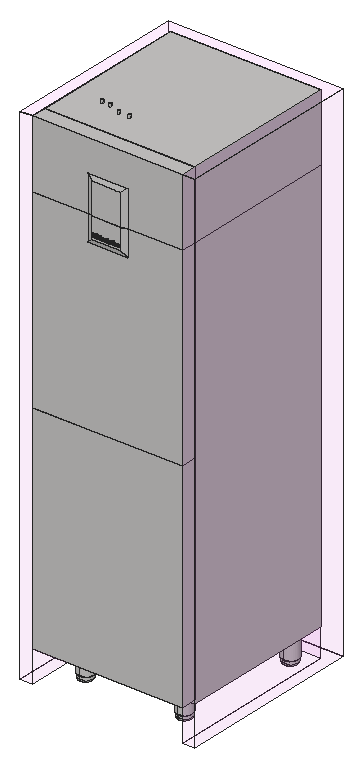
Revit family "QF_ELECTROLUXPROFESSIONAL_691374_PS04RF2FR", category Specialty Equipment, Revit 2018
Family settings
  Round Connector Dimension = Use Diameter
  Part Type = Normal
  Work Plane-Based = No
  Always vertical = Yes
  Cut with Voids When Loaded = No
  Shared = No
  Room Calculation Point = No
Parameters (values of type "Standard")
  Weight = 22.6321 lbm
  Watts = 0 W
  Volts = 220 V
  URL Manufacturer = "http://professional.electrolux.com"
  URL = "http://professional.electrolux.com"
  Steam Supply Size = 0"
  Steam Supply Minimum Pressure = 0.00 psi
  Steam Supply Maximum Pressure = 0.00 psi
  Steam Pounds per Hour = 0
  Show Clearance [instance] = yes
  Refrigeration Suction Line Size = 0.03117"
  Refrigeration Liquid Line Size = 0.01969"
  Refrigerant Compressor Remote = yes
  Phase = 1
  Model = "PS04RF2FR"
  Manufacturer = "Electrolux Professional"
  Length Actual = 600 mm  # constant formula
  Item Number = "691374"
  Hot Water Size = 0"
  Height Actual = 2070 mm  # constant formula
  HP = "0.4 HP"
  Gas Size = 0"
  Gas KW = 0
  Gas Input Pressure = 0.0 Btu/h
  Direct Waste Size = 0"
  Description = "2½-DOOR DUAL REFRIGERATOR  470L 0/-22°,PROSTORE-REM"
  Depth Actual = 741 mm  # constant formula
  Cycle = 60 Hz
  Condensate Return Size = 0"
  Compressed Air Volume = 0 GPM
  Compressed Air Size = 0"
  Compressed Air Pressure = 0.00 psi
  Cold Water Size = 0"
  Accessory = yes
Types (2, lengths in mm): name | URL | Phase | Model | Manufacturer | Description
  (no name) | "http://professional.electrolux.com/" | 0 | "RBC201" | "Electrolux" | "BLAST CHILLER 56 KG 20 GN1/1"
  Standard | "http://professional.electrolux.com" | 1 | "PS04RF2FR" | "Electrolux Professional" | "2½-DOOR DUAL REFRIGERATOR  470L 0/-22°,PROSTORE-REM"
Values of the unnamed type that differ from the named types
  Volts = 380 V
  URL Manufacturer = "http://professional.electrolux.com/"
  Item Number = "726624"
  Cycle = 50 Hz
Reference planes
  plane 1 "BACK": y = 0
  plane 2: z = 0
  plane 3 "LEFT": x = 0
  plane 4 "RIGHT": x = 600
  plane 5 "FRONT": y = -700
  plane 6 "TOP": z = 2040
  plane 7 "Center Y": x = 300
  plane 8 "Center X": y = -350
  plane 9: x = 102
  plane 10: x = 498
  plane 11: z = 115
  plane 12: z = 86
  plane 13: y = -76
  plane 14: y = -694
  plane 15: y = -1227
  plane 16: y = -630
  plane 17: z = 1770
  plane 18: x = -50
  plane 19: y = 50
  plane 20: x = 650
Forms (mm)
  Extrusion 1, solid, material "QF_Metal - Stainless - Polished"
    sketch origin (0, 0, 0) x (1, 0, 0) y (0, 0, 1)
      loop
        line (0, 2040) -> (0, 1770) -> (600, 1770) -> (600, 2040) -> (0, 2040)
    from 0 to 630
  Extrusion 2, solid, material "QF_Metal - Stainless - Polished"
    sketch origin (0, 0, 0) x (1, 0, 0) y (0, 0, 1)
      loop
        line (0, 1770) -> (0, 115) -> (600, 115) -> (600, 1770) -> (0, 1770)
    from 0 to 630
  Extrusion 3, solid, material "QF_Metal - Stainless - Polished"
    sketch origin (-370, 0, -128) x (1, 0, 0) y (0, 0, 1)
      loop
        circle (450, 1847.083) r 20
    from -7.507 to 0
  Extrusion 4, solid, material "QF_Door-Drawer Clearances", visible <- "Show Clearance", detail levels coarse
    sketch origin (0, 0, 0) x (1, 0, 0) y (0, 1, 0)
      loop
        line (600, -694) -> (0, -694)
        arc (0, -694) -> (187.42, -1087.232) -> (600, -1227) r 559.707
        line (600, -1227) -> (600, -694)
    from 127.536 to 995.399
  Extrusion 5, solid, material "QF_Metal - Stainless - Polished"
    sketch origin (0, 130.478, 0) x (1, 0, 0) y (0, 0, 1)
      loop
        line (0, 2040) -> (0, 1770) -> (600, 1770) -> (600, 2040) -> (0, 2040)
    from 760.478 to 824.478
  Extrusion 6, solid, material "QF_Metal - Stainless - Polished"
    sketch origin (0, 140, 0) x (1, 0, 0) y (0, 0, 1)
      loop
        line (0, 1770) -> (0, 995.399) -> (600, 995.399) -> (600, 1770) -> (0, 1770)
    from 834 to 770
  Revolve 7, solid, material "QF_Metal - Stainless - Polished"
    sketch origin (497.59, -1.833, 0) x (0, 1, 0) y (0, 0, -1)
      loop
        line (-590.954, -115) -> (-553.167, -115) -> (-553.167, 0) -> (-578.757, 0)
        arc (-578.757, 0) -> (-580.973, -2.655) -> (-581.767, -6.021) r 7.527
        line (-581.767, -6.021) -> (-581.767, -17.561) -> (-585.28, -21.074) -> (-585.28, -110.008) -> (-590.954, -110.008) -> (-590.954, -115)
      axis (-553.167, 0) -> (-553.167, -115)
    angle from 0 to 360
  Revolve 8, solid, material "QF_Metal - Stainless - Polished"
    sketch origin (102, -1.833, 0) x (0, 1, 0) y (0, 0, 1)
      loop
        line (-590.954, 115) -> (-590.954, 110.008) -> (-585.28, 110.008) -> (-585.28, 21.074) -> (-581.767, 17.561) -> (-581.767, 6.021)
        arc (-581.767, 6.021) -> (-580.973, 2.655) -> (-578.757, 0) r 7.527
        line (-578.757, 0) -> (-553.167, 0) -> (-553.167, 115) -> (-590.954, 115)
      axis (-553.167, 0) -> (-553.167, 115)
    angle from 0 to 360
  Revolve 9, solid, material "QF_Metal - Stainless - Polished"
    sketch origin (538, -759.167, 0) x (0, -1, 0) y (0, 0, 1)
      loop
        line (-720.954, 115) -> (-720.954, 110.008) -> (-715.28, 110.008) -> (-715.28, 21.074) -> (-711.767, 17.561) -> (-711.767, 6.021)
        arc (-711.767, 6.021) -> (-710.973, 2.655) -> (-708.757, 0) r 7.527
        line (-708.757, 0) -> (-683.167, 0) -> (-683.167, 115) -> (-720.954, 115)
      axis (-683.167, 0) -> (-683.167, 115)
    angle from 0 to 360
  Revolve 10, solid, material "QF_Metal - Stainless - Polished"
    sketch origin (62, -759.167, 0) x (0, -1, 0) y (0, 0, 1)
      loop
        line (-720.954, 115) -> (-720.954, 110.008) -> (-715.28, 110.008) -> (-715.28, 21.074) -> (-711.767, 17.561) -> (-711.767, 6.021)
        arc (-711.767, 6.021) -> (-710.973, 2.655) -> (-708.757, 0) r 7.527
        line (-708.757, 0) -> (-683.167, 0) -> (-683.167, 115) -> (-720.954, 115)
      axis (-683.167, 0) -> (-683.167, 115)
    angle from 0 to 360
  Blend 11, solid, material "QF_Metal - Stainless - Polished"
    base sketch origin (-150, -694, 0) x (1, 0, 0) y (0, 0, 1)
      loop
        line (370, 1914.822) -> (370, 1664.822) -> (530, 1664.822) -> (530, 1914.822) -> (370, 1914.822)
    top sketch origin (-150, -694, 0) x (1, 0, 0) y (0, 0, 1)
      loop
        line (510, 1894.822) -> (390, 1894.822) -> (390, 1684.822) -> (510, 1684.822) -> (510, 1894.822)
    from 0 to 6
  Extrusion 12, void
    sketch origin (-150, -700, 0) x (-1, 0, 0) y (0, 0, 1)
      loop
        line (-370, 1770.997) -> (-530, 1770.997) -> (-530, 1769.003) -> (-370, 1769.003) -> (-370, 1770.997)
    from 0 to 6
  Extrusion 13, solid, material "QF_Door-Drawer Clearances"
    sketch origin (0, 0, 0) x (1, 0, 0) y (0, 1, 0)
      loop
        line (0, -694) -> (0, 0) -> (600, 0) -> (600, -694) -> (650, -694) -> (650, 50) -> (-50, 50) -> (-50, -694) -> (0, -694)
    from 0 to 2040
  Extrusion 14, solid, material "QF_Door-Drawer Clearances", visible <- "Show Clearance", detail levels coarse
    sketch origin (0, 0, 0) x (1, 0, 0) y (0, 1, 0)
      loop
        line (600, -694) -> (0, -694)
        arc (0, -694) -> (187.42, -1087.232) -> (600, -1227) r 559.707
        line (600, -1227) -> (600, -694)
    from 995.399 to 1770
  Extrusion 15, solid, material "QF_Metal - Stainless - Polished"
    sketch origin (0, 140, 0) x (1, 0, 0) y (0, 0, 1)
      loop
        line (0, 995.399) -> (0, 127.536) -> (600, 127.536) -> (600, 995.399) -> (0, 995.399)
    from 834 to 770
  Extrusion 16, solid, material "QF_Metal - Stainless - Polished"
    sketch origin (-277.128, -400.153, 2040) x (1, 0, 0) y (0, 1, 0)
      loop
        circle (425.128, -89.847) r 4
    from 0 to 10
  Extrusion 17, solid, material "QF_Metal - Stainless - Polished"
    sketch origin (-310.128, -400.153, 2040) x (1, 0, 0) y (0, 1, 0)
      loop
        circle (425.128, -89.847) r 4
    from 0 to 10
  Extrusion 18, solid, material "QF_Metal - Stainless - Polished"
    sketch origin (-227.128, -420.153, 2040) x (1, 0, 0) y (0, 1, 0)
      loop
        circle (425.128, -89.847) r 4
    from 0 to 10
  Extrusion 19, solid, material "QF_Metal - Stainless - Polished"
    sketch origin (-184.128, -420.153, 2040) x (1, 0, 0) y (0, 1, 0)
      loop
        circle (425.128, -89.847) r 4
    from 0 to 10
Cuts and joins
  Extrusion 12 cuts Extrusion 1
  Extrusion 12 cuts Extrusion 2
  Extrusion 12 cuts Extrusion 5
  Extrusion 12 cuts Extrusion 6
  Extrusion 12 cuts Blend 11
Lines and regions (mm)
  Split face 1
    outline origin (-150, -700, 0) x (1, 0, 0) y (0, 0, 1)
      loop
        line (415, 1894.822) -> (415, 1742.499) -> (485, 1742.499) -> (485, 1894.822)
  symbolic lines
    curve 1: line (0, 0, 0) -> (600, 0, 0)
    curve 2: line (0, -694, 0) -> (0, 0, 0)
    curve 3: line (600, -694, 0) -> (0, -694, 0)
    curve 4: line (600, 0, 0) -> (600, -694, 0)
    curve 5: line (0, -630, 0) -> (600, -630, 0)
    curve 6: line (220, -694, 0) -> (240, -700, 0)
    curve 7: line (240, -700, 0) -> (360, -700, 0)
    curve 8: line (360, -700, 0) -> (380, -694, 0)
  symbolic lines, style "QF_Door-Drawer Clearances"
    curve 9: arc (0, -694, 0) -> (187.42, -1087.232, 0) -> (600, -1227, 0) r 559.707
    curve 10: line (600, -1227, 0) -> (600, -694, 0)
    curve 11: line (0, -694, 0) -> (-50, -694, 0)
    curve 12: line (-50, -694, 0) -> (-50, 50, 0)
    curve 13: line (-50, 50, 0) -> (650, 50, 0)
    curve 14: line (650, 50, 0) -> (650, -694, 0)
    curve 15: line (650, -694, 0) -> (600, -694, 0)
Dimensions and locks
  equal spacing: plane 3 "LEFT", plane 7 "Center Y", plane 4 "RIGHT"
  plane 3 "LEFT" to plane 4 "RIGHT" = 600 mm
  equal spacing: plane 5 "FRONT", plane 8 "Center X", plane 1 "BACK"
  plane 5 "FRONT" to plane 1 "BACK" = 700 mm
  plane 6 "TOP" to level = 2040 mm
  plane 9 to plane 3 "LEFT" = 102 mm
  plane 10 to plane 4 "RIGHT" = 102 mm
  plane 11 to level = 115 mm
  plane 12 to plane 11 = 29 mm
  plane 1 "BACK" to plane 13 = 76 mm
  plane 15 to plane 1 "BACK" = 1227 mm
  plane 3 "LEFT" to Extrusion 4 = 600 mm
  plane 11 to plane 2 = 115 mm
  plane 1 "BACK" to plane 16 = 630 mm
  plane 18 to plane 3 "LEFT" = 50 mm
  plane 4 "RIGHT" to plane 20 = 50 mm
  plane 1 "BACK" to plane 19 = 50 mm
  aligned and locked: level to plane 2
  aligned and locked: Extrusion 5 to plane 4 "RIGHT"
  aligned and locked: Extrusion 5 to plane 3 "LEFT"
  aligned and locked: plane 5 "FRONT" to Blend 11
  aligned and locked: Extrusion 15 to Extrusion 4
  aligned and locked: Extrusion 14 to Extrusion 6
Automatic sketch dimensions
  curve 13 to plane 18 = 0 mm
  curve 3 to plane 3 "LEFT" = 0 mm
  plane 14 to curve 6 = 0 mm
  plane 5 "FRONT" to curve 7 = 0 mm
  curve 9 to plane 4 "RIGHT" = 0 mm
  curve 5 to plane 4 "RIGHT" = 0 mm
  curve 14 to plane 20 = 0 mm
  curve 10 to plane 15 = 0 mm
  curve 5 to plane 16 = 0 mm
  plane 1 "BACK" to curve 4 = 0 mm
  curve 13 to plane 19 = 0 mm
  curve 7 to plane 7 "Center Y" = 60 mm
  plane 7 "Center Y" to curve 8 = 60 mm
  curve 9 to plane 14 = 25.214 mm
  curve 6 to curve 6 = 20 mm
  curve 7 to curve 8 = 20 mm
  Extrusion 1 sketch curve to plane 3 "LEFT" = 0 mm
  plane 4 "RIGHT" to Extrusion 1 sketch curve = 0 mm
  Extrusion 1 sketch curve to plane 17 = 0 mm
  Extrusion 1 sketch curve to plane 6 "TOP" = 0 mm
  Extrusion 2 sketch curve to plane 3 "LEFT" = 0 mm
  plane 4 "RIGHT" to Extrusion 2 sketch curve = 0 mm
  Extrusion 2 sketch curve to plane 11 = 0 mm
  Extrusion 2 sketch curve to plane 17 = 0 mm
  Extrusion 3 sketch curve to plane 9 = 22 mm
  Extrusion 3 sketch curve to plane 17 = 50.917 mm
  Extrusion 4 sketch curve to plane 3 "LEFT" = 0 mm
  Extrusion 4 sketch curve to plane 4 "RIGHT" = 0 mm
  Extrusion 4 sketch curve to plane 15 = 0 mm
  plane 14 to Extrusion 4 sketch curve = 0 mm
  Extrusion 4 sketch curve to plane 14 = 25.214 mm
  Extrusion 5 sketch curve to plane 3 "LEFT" = 0 mm
  plane 4 "RIGHT" to Extrusion 5 sketch curve = 0 mm
  Extrusion 5 sketch curve to plane 17 = 0 mm
  Extrusion 5 sketch curve to plane 6 "TOP" = 0 mm
  Extrusion 6 sketch curve to plane 3 "LEFT" = 0 mm
  plane 4 "RIGHT" to Extrusion 6 sketch curve = 0 mm
  Extrusion 6 sketch curve to plane 17 = 0 mm
  Extrusion 6 sketch curve to Extrusion 6 sketch curve = 774.601 mm
  plane 11 to Revolve 7 sketch curve = 0 mm
  Revolve 7 sketch curve to level = 0 mm
  plane 16 to Revolve 7 sketch curve = 37.213 mm
  Revolve 7 sketch curve to Revolve 7 sketch curve = 5.674 mm
  Revolve 7 sketch curve to Revolve 7 sketch curve = 3.513 mm  (x2)
  Revolve 7 sketch curve to Revolve 7 sketch curve = 3.01 mm
  level to Revolve 7 sketch curve = 6.021 mm
  Revolve 7 sketch curve to Revolve 7 sketch curve = 21.073 mm
  Revolve 7 sketch curve to plane 11 = 4.992 mm  (x2)
  Revolve 7 sketch curve to Revolve 7 sketch curve = 15.053 mm
  Revolve 7 sketch curve to Revolve 7 sketch curve = 0 mm
  Revolve 7 sketch curve to Revolve 7 sketch curve = 20.008 mm
  Revolve 8 sketch curve to plane 11 = 0 mm
  Revolve 8 sketch curve to level = 0 mm
  plane 16 to Revolve 8 sketch curve = 37.213 mm
  Revolve 8 sketch curve to Revolve 8 sketch curve = 5.674 mm
  Revolve 8 sketch curve to Revolve 8 sketch curve = 3.513 mm  (x2)
  Revolve 8 sketch curve to Revolve 8 sketch curve = 3.01 mm
  level to Revolve 8 sketch curve = 6.021 mm
  Revolve 8 sketch curve to Revolve 8 sketch curve = 21.073 mm
  Revolve 8 sketch curve to Revolve 8 sketch curve = 11.54 mm
  Revolve 8 sketch curve to plane 11 = 4.992 mm
  Revolve 8 sketch curve to Revolve 8 sketch curve = 0 mm
  Revolve 8 sketch curve to Revolve 8 sketch curve = 4.992 mm
  plane 11 to Revolve 8 sketch curve = 20.008 mm
  Revolve 9 sketch curve to plane 11 = 0 mm
  Revolve 9 sketch curve to level = 0 mm
  Revolve 9 sketch curve to plane 13 = 0 mm  (x2)
  level to Revolve 9 sketch curve = 6.021 mm
  Revolve 9 sketch curve to plane 13 = 21.073 mm
  Revolve 9 sketch curve to Revolve 9 sketch curve = 4.517 mm
  Revolve 9 sketch curve to Revolve 9 sketch curve = 3.513 mm  (x2)
  Revolve 9 sketch curve to Revolve 9 sketch curve = 5.674 mm
  Revolve 9 sketch curve to Revolve 9 sketch curve = 11.54 mm
  Revolve 9 sketch curve to plane 11 = 4.992 mm  (x2)
  Revolve 9 sketch curve to Revolve 9 sketch curve = 20.008 mm
  Revolve 10 sketch curve to plane 11 = 0 mm
  Revolve 10 sketch curve to level = 0 mm
  Revolve 10 sketch curve to plane 13 = 0 mm  (x2)
  Revolve 10 sketch curve to level = 6.021 mm
  plane 13 to Revolve 10 sketch curve = 21.073 mm
  Revolve 10 sketch curve to Revolve 10 sketch curve = 4.517 mm
  Revolve 10 sketch curve to Revolve 10 sketch curve = 3.513 mm  (x2)
  Revolve 10 sketch curve to Revolve 10 sketch curve = 5.674 mm
  Revolve 10 sketch curve to Revolve 10 sketch curve = 11.54 mm
  plane 11 to Revolve 10 sketch curve = 4.992 mm  (x2)
  Revolve 10 sketch curve to Revolve 10 sketch curve = 20.008 mm
  Blend 11 sketch curve to Extrusion 6 = 105.178 mm
  Blend 11 sketch curve to Extrusion 6 = 220 mm
  Blend 11 sketch curve to Blend 11 sketch curve = 160 mm
  Extrusion 6 to Blend 11 sketch curve = 144.822 mm
  Blend 11 sketch curve to Extrusion 6 = 240 mm
  Blend 11 sketch curve to Blend 11 sketch curve = 120 mm
  Blend 11 sketch curve to Extrusion 6 = 85.178 mm
  Extrusion 6 to Blend 11 sketch curve = 124.822 mm
  Split face 1 sketch curve to Blend 11 = 0 mm  (x2)
  Split face 1 sketch curve to Blend 11 = 25 mm  (x2)
  Split face 1 sketch curve to Blend 11 = 57.677 mm
  Extrusion 12 sketch curve to Blend 11 = 20 mm  (x2)
  Blend 11 to Extrusion 12 sketch curve = 84.181 mm
  Extrusion 12 sketch curve to Extrusion 12 sketch curve = 1.995 mm
  plane 14 to Extrusion 13 sketch curve = 0 mm  (x2)
  Extrusion 13 sketch curve to plane 18 = 0 mm
  Extrusion 13 sketch curve to plane 3 "LEFT" = 0 mm
  Extrusion 13 sketch curve to plane 4 "RIGHT" = 0 mm
  Extrusion 13 sketch curve to plane 19 = 0 mm
  Extrusion 13 sketch curve to plane 20 = 0 mm
  plane 1 "BACK" to Extrusion 13 sketch curve = 0 mm
  Extrusion 14 sketch curve to plane 3 "LEFT" = 0 mm
  Extrusion 14 sketch curve to plane 4 "RIGHT" = 0 mm
  Extrusion 14 sketch curve to plane 15 = 0 mm
  plane 14 to Extrusion 14 sketch curve = 0 mm
  Extrusion 14 sketch curve to plane 14 = 25.214 mm
  Extrusion 15 sketch curve to plane 3 "LEFT" = 0 mm
  plane 4 "RIGHT" to Extrusion 15 sketch curve = 0 mm
  plane 11 to Extrusion 15 sketch curve = 12.536 mm
  Extrusion 15 sketch curve to plane 17 = 774.601 mm
  plane 9 to Extrusion 16 sketch curve = 46 mm
  Extrusion 16 sketch curve to plane 8 "Center X" = 140 mm
  plane 9 to Extrusion 17 sketch curve = 13 mm
  Extrusion 17 sketch curve to plane 8 "Center X" = 140 mm
  plane 9 to Extrusion 18 sketch curve = 96 mm
  Extrusion 18 sketch curve to plane 8 "Center X" = 160 mm
  Extrusion 19 sketch curve to plane 7 "Center Y" = 59 mm
  Extrusion 19 sketch curve to plane 8 "Center X" = 160 mm
  radius of Extrusion 3 sketch curve = 20 mm
  radius of Extrusion 16 sketch curve = 4 mm
  radius of Extrusion 17 sketch curve = 4 mm
  radius of Extrusion 18 sketch curve = 4 mm
  radius of Extrusion 19 sketch curve = 4 mm
Nested families
  nested 1: "ELX_Logo_S" at (300.625, -700, 1704.375) x (1, 0, 0) z (0, -1, 0), type "ELX_Logo_S"
Connectors
  electrical at (80, 7.507, 1719.083), driven by "Volts"
    settings: on Extrusion 3, index 2, voltage 220 V, apparent load 0 VA, apparent load phase1 0 VA, apparent load phase2 0 VA, apparent load phase3 0 VA, power factor 1, load classification "Other", number of poles 1, system type 30, power factor state 1, is connector primary yes, connector utility no, sub classification motor no, connector description "Electrical Connection"
  piping at (148, -490, 2050), diameter 8
    settings: on Extrusion 16, index 5, connector inside diameter 24", connector length 0 mm, flow factor 0, pipe flow 0 GPM, pressure drop 0.00 psi, fitting loss kfactor 0, connector angle 0.00°, fixture units 0, engagement length 0 mm, angle of deflection 0.00°, flow configuration 0, flow direction 0, fitting loss method 0, system type 22, joint type 0, gender type 0, connector reference index -1, connector utility 0, adjustable connector no, is connector primary yes, connector description "refrigerant outlet"
  piping at (115, -490, 2050), diameter 8
    settings: on Extrusion 17, index 6, connector inside diameter 24", connector length 0 mm, flow factor 0, pipe flow 0 GPM, pressure drop 0.00 psi, fitting loss kfactor 0, connector angle 0.00°, fixture units 0, engagement length 0 mm, angle of deflection 0.00°, flow configuration 0, flow direction 0, fitting loss method 0, system type 22, joint type 0, gender type 0, connector reference index -1, connector utility 0, adjustable connector no, is connector primary no, connector description "refrigerant inlet"
  piping at (198, -510, 2050), diameter 8
    settings: on Extrusion 18, index 7, connector inside diameter 24", connector length 0 mm, flow factor 0, pipe flow 0 GPM, pressure drop 0.00 psi, fitting loss kfactor 0, connector angle 0.00°, fixture units 0, engagement length 0 mm, angle of deflection 0.00°, flow configuration 0, flow direction 0, fitting loss method 0, system type 22, joint type 0, gender type 0, connector reference index -1, connector utility 0, adjustable connector no, is connector primary no, connector description "refrigerant inlet"
  piping at (241, -510, 2050), diameter 8
    settings: on Extrusion 19, index 8, connector inside diameter 24", connector length 0 mm, flow factor 0, pipe flow 0 GPM, pressure drop 0.00 psi, fitting loss kfactor 0, connector angle 0.00°, fixture units 0, engagement length 0 mm, angle of deflection 0.00°, flow configuration 0, flow direction 0, fitting loss method 0, system type 22, joint type 0, gender type 0, connector reference index -1, connector utility 0, adjustable connector no, is connector primary no, connector description "refrigerant outlet"
Definition of nested family "ELX_Logo_S"
  Parameters (values of type "ELX_Logo_S")
    Default Elevation = 0 mm
  Reference planes
    plane 1 "Centro (Fronte/Retro)": y = 0
    plane 2: z = 0
    plane 3 "Centro (Sinistra/Destra)": x = 0
  Forms (mm)
    Extrusion 1, solid
      sketch origin (0, 0, 0) x (1, 0, 0) y (0, 1, 0)
        loop
          line (-1219.2, 1219.2) -> (-1219.2, -1219.2) -> (1219.2, -1219.2) -> (1219.2, 1219.2) -> (-1219.2, 1219.2)
      from 0 to -304.8
    Extrusion 2, solid
      sketch origin (0, 0, 0) x (1, 0, 0) y (0, 1, 0)
        loop
          line (-43.793, 5.912) -> (-43.793, -6.455)
          arc (-43.793, -6.455) -> (-39.222, -0.272) -> (-43.793, 5.912) r 6.467
        loop
          arc (-44.422, 5.912) -> (-49.565, 4.743) -> (-52.043, 0.087) r 6.338
          line (-52.043, 0.087) -> (-49.997, 0.087)
          arc (-49.997, 0.087) -> (-46.342, 1.57) -> (-44.422, 5.016) r 5.941
          line (-44.422, 5.016) -> (-44.422, 5.912)
        loop
          arc (-44.422, -5.559) -> (-46.342, -2.114) -> (-49.997, -0.63) r 5.941
          line (-49.997, -0.63) -> (-52.043, -0.63)
          arc (-52.043, -0.63) -> (-49.569, -5.324) -> (-44.422, -6.614) r 6.504
          line (-44.422, -6.614) -> (-44.422, -5.559)
        loop
          line (-52.512, 6.586) -> (-52.512, -7.158) -> (-38.749, -7.158) -> (-38.749, 6.586) -> (-52.512, 6.586)
        loop
          arc (-35.782, 6.67) -> (-36.139, 6.322) -> (-35.801, 5.955) r 0.358
          arc (-35.801, 5.955) -> (-35.051, 5.641) -> (-34.666, 4.924) r 1.216
          line (-34.666, 4.924) -> (-34.666, -5.488)
          arc (-34.666, -5.488) -> (-34.944, -6.148) -> (-35.54, -6.544) r 1.238
          arc (-35.54, -6.544) -> (-35.791, -6.939) -> (-35.437, -7.244) r 0.358
          line (-35.437, -7.244) -> (-25.558, -7.244) -> (-25.558, -4.494) -> (-26.455, -4.494)
          arc (-26.455, -4.494) -> (-27.035, -5.403) -> (-28.012, -5.858) r 1.928
          line (-28.012, -5.858) -> (-30.511, -5.858)
          arc (-30.511, -5.858) -> (-31.24, -5.583) -> (-31.604, -4.894) r 1.101
          line (-31.604, -4.894) -> (-31.604, -0.808) -> (-27.931, -0.808)
          arc (-27.931, -0.808) -> (-27.434, -1.16) -> (-27.206, -1.725) r 1.083
          arc (-27.206, -1.725) -> (-26.9, -1.989) -> (-26.622, -1.697) r 0.292
          line (-26.622, -1.697) -> (-26.622, 1.265)
          arc (-26.622, 1.265) -> (-26.895, 1.568) -> (-27.225, 1.329) r 0.305
          arc (-27.225, 1.329) -> (-27.473, 0.839) -> (-27.931, 0.534) r 1.083
          line (-27.931, 0.534) -> (-31.604, 0.534) -> (-31.604, 5.211) -> (-27.857, 5.211)
          arc (-27.857, 5.211) -> (-27.101, 4.997) -> (-26.603, 4.39) r 1.314
          arc (-26.603, 4.39) -> (-26.199, 4.171) -> (-25.907, 4.526) r 0.361
          line (-25.907, 4.526) -> (-25.907, 6.67) -> (-35.782, 6.67)
        loop
          arc (-25.126, 5.953) -> (-24.207, 5.572) -> (-23.827, 4.654) r 1.299
          line (-23.827, 4.654) -> (-23.827, -4.925)
          arc (-23.827, -4.925) -> (-24.205, -5.763) -> (-25.083, -6.035) r 1.118
          line (-25.083, -6.035) -> (-25.083, -7.244) -> (-19.733, -7.244) -> (-19.733, -6.056)
          arc (-19.733, -6.056) -> (-20.65, -5.784) -> (-21.046, -4.914) r 1.153
          line (-21.046, -4.914) -> (-21.046, 7.158) -> (-25.126, 5.953)
        loop
          line (-17.097, -2.28) -> (-10.65, -2.28) -> (-10.65, -1.481)
          arc (-10.65, -1.481) -> (-11.634, 1.1) -> (-14.088, 2.369) r 3.874
          line (-14.088, 2.369) -> (-15.848, 2.369)
          arc (-15.848, 2.369) -> (-18.713, 1.182) -> (-19.899, -1.682) r 4.051
          line (-19.899, -1.682) -> (-19.899, -3.691)
          arc (-19.899, -3.691) -> (-18.414, -6.509) -> (-15.407, -7.561) r 4.352
          arc (-15.407, -7.561) -> (-12.944, -7.196) -> (-10.87, -5.819) r 5.713
          line (-10.87, -5.819) -> (-10.87, -4.87)
          arc (-10.87, -4.87) -> (-12.439, -5.603) -> (-14.157, -5.819) r 5.579
          arc (-14.157, -5.819) -> (-16.12, -5.025) -> (-17.097, -3.146) r 3.057
          line (-17.097, -3.146) -> (-17.097, -2.28)
        loop
          line (-17.097, -1.02) -> (-13.515, -1.02)
          arc (-13.515, -1.02) -> (-13.468, 0.436) -> (-14.627, 1.319) r 1.59
          line (-14.627, 1.319) -> (-15.457, 1.319)
          arc (-15.457, 1.319) -> (-16.712, 0.455) -> (-17.097, -1.02) r 2.184
        loop
          arc (-1.232, 1.771) -> (-2.906, 2.259) -> (-4.643, 2.417) r 9.023
          line (-4.643, 2.417) -> (-6.005, 2.417)
          arc (-6.005, 2.417) -> (-8.805, 1.257) -> (-9.965, -1.542) r 3.959
          line (-9.965, -1.542) -> (-9.965, -4.142)
          arc (-9.965, -4.142) -> (-8.672, -6.424) -> (-6.299, -7.541) r 4.331
          line (-6.299, -7.541) -> (-4.164, -7.541)
          arc (-4.164, -7.541) -> (-2.614, -7.033) -> (-1.268, -6.112) r 5.772
          arc (-1.268, -6.112) -> (-1.217, -5.35) -> (-1.976, -5.263) r 0.553
          arc (-1.976, -5.263) -> (-2.71, -5.651) -> (-3.529, -5.785) r 2.573
          line (-3.529, -5.785) -> (-5.044, -5.785)
          arc (-5.044, -5.785) -> (-6.686, -4.779) -> (-7.328, -2.965) r 2.884
          line (-7.328, -2.965) -> (-7.328, -1.686)
          arc (-7.328, -1.686) -> (-6.768, 0.135) -> (-5.103, 1.062) r 2.554
          line (-5.103, 1.062) -> (-4.05, 1.062)
          arc (-4.05, 1.062) -> (-3.122, 0.73) -> (-2.387, 0.073) r 2.564
          arc (-2.387, 0.073) -> (-1.67, -0.148) -> (-1.232, 0.461) r 0.643
          line (-1.232, 0.461) -> (-1.232, 1.771)
        loop
          line (-0.962, 0.752) -> (0.539, 0.752) -> (0.539, -5.296)
          arc (0.539, -5.296) -> (1.197, -6.884) -> (2.785, -7.541) r 2.246
          line (2.785, -7.541) -> (4.369, -7.541)
          arc (4.369, -7.541) -> (5.233, -7.228) -> (6.005, -6.727) r 4.06
          arc (6.005, -6.727) -> (6.138, -5.995) -> (5.437, -5.743) r 0.576
          arc (5.437, -5.743) -> (4.911, -5.849) -> (4.379, -5.785) r 1.69
          arc (4.379, -5.785) -> (3.591, -5.244) -> (3.288, -4.337) r 1.506
          line (3.288, -4.337) -> (3.288, 0.801) -> (5.685, 0.801) -> (6.241, 1.357) -> (6.241, 2.179) -> (3.382, 2.179) -> (3.382, 5.41) -> (-0.962, 0.752)
        loop
          line (7.139, -7.324) -> (12.526, -7.324) -> (12.526, -6.214)
          arc (12.526, -6.214) -> (11.575, -5.82) -> (11.181, -4.869) r 1.345
          line (11.181, -4.869) -> (11.181, -1.253)
          arc (11.181, -1.253) -> (11.773, -0.488) -> (12.695, -0.199) r 1.615
          line (12.695, -0.199) -> (14.251, -0.199) -> (14.936, 2.357) -> (13.553, 2.357) -> (10.994, 0.414) -> (10.994, 2.295) -> (8.288, 2.01)
          arc (8.288, 2.01) -> (7.758, 1.571) -> (7.959, 0.912) r 0.621
          arc (7.959, 0.912) -> (8.301, 0.512) -> (8.484, 0.018) r 1.501
          line (8.484, 0.018) -> (8.484, -4.869)
          arc (8.484, -4.869) -> (8.09, -5.82) -> (7.139, -6.214) r 1.345
          line (7.139, -6.214) -> (7.139, -7.324)
        loop
          line (14.473, -1.222) -> (14.473, -3.914)
          arc (14.473, -3.914) -> (15.781, -6.36) -> (18.311, -7.494) r 4.288
          arc (18.311, -7.494) -> (19.692, -7.557) -> (21.072, -7.494) r 15.022
          arc (21.072, -7.494) -> (23.603, -6.36) -> (24.91, -3.914) r 4.288
          line (24.91, -3.914) -> (24.91, -1.222)
          arc (24.91, -1.222) -> (23.603, 1.223) -> (21.072, 2.357) r 4.288
          arc (21.072, 2.357) -> (19.692, 2.421) -> (18.311, 2.357) r 15.022
          arc (18.311, 2.357) -> (15.781, 1.223) -> (14.473, -1.222) r 4.288
        loop
          line (17.587, -1.017) -> (17.587, -4.119)
          arc (17.587, -4.119) -> (19.744, -6.276) -> (21.901, -4.119) r 2.157
          line (21.901, -4.119) -> (21.901, -1.017)
          arc (21.901, -1.017) -> (19.744, 1.14) -> (17.587, -1.017) r 2.157
        loop
          arc (24.768, 5.964) -> (25.662, 5.593) -> (26.033, 4.699) r 1.264
          line (26.033, 4.699) -> (26.033, -5.165)
          arc (26.033, -5.165) -> (25.636, -6.035) -> (24.72, -6.307) r 1.153
          line (24.72, -6.307) -> (24.72, -7.244) -> (29.828, -7.244) -> (29.828, -6.316)
          arc (29.828, -6.316) -> (29.056, -5.957) -> (28.741, -5.165) r 1.153
          line (28.741, -5.165) -> (28.741, 7.158) -> (24.768, 5.964)
        loop
          arc (29.365, 1.084) -> (30.43, 0.885) -> (30.912, -0.085) r 1.215
          line (30.912, -0.085) -> (30.912, -5.105)
          arc (30.912, -5.105) -> (31.559, -6.719) -> (33.142, -7.44) r 2.338
          line (33.142, -7.44) -> (34.657, -7.44)
          arc (34.657, -7.44) -> (35.661, -7.266) -> (36.547, -6.763) r 2.979
          line (36.547, -6.763) -> (38.344, -7.244) -> (40.032, -7.244) -> (40.032, 2.181) -> (35.829, 1.887) -> (35.829, 1.101)
          arc (35.829, 1.101) -> (36.665, 0.745) -> (37.174, -0.007) r 1.605
          line (37.174, -0.007) -> (37.174, -5.11)
          arc (37.174, -5.11) -> (36.237, -5.531) -> (35.213, -5.603) r 2.94
          arc (35.213, -5.603) -> (34.112, -5.042) -> (33.669, -3.889) r 1.724
          line (33.669, -3.889) -> (33.669, 2.307) -> (29.365, 1.084)
        loop
          line (40.886, 2.112) -> (42.932, 0.44) -> (45.238, -2.734) -> (42.126, -6.191)
          arc (42.126, -6.191) -> (41.732, -6.428) -> (41.273, -6.405) r 0.789
          line (41.273, -6.405) -> (41.273, -7.244) -> (44.818, -7.244) -> (44.818, -6.418)
          arc (44.818, -6.418) -> (44.456, -6.076) -> (44.548, -5.586) r 0.52
          line (44.548, -5.586) -> (46.019, -3.786) -> (47.394, -5.904)
          arc (47.394, -5.904) -> (47.084, -6.305) -> (46.585, -6.392) r 0.7
          line (46.585, -6.392) -> (46.585, -7.244) -> (52.512, -7.244) -> (52.512, -6.358)
          arc (52.512, -6.358) -> (51.853, -6.291) -> (51.322, -5.896) r 1.247
          line (51.322, -5.896) -> (48.041, -1.696) -> (50.094, 0.751) -> (51.836, 2.112) -> (48.112, 2.112) -> (48.535, 0.627) -> (47.258, -0.895) -> (46.068, 0.806) -> (46.844, 2.112) -> (40.886, 2.112)
      from 0 to 1.644
  Dimensions and locks
    aligned and locked: plane 2 to Extrusion 1
    aligned and locked: level to Extrusion 1
